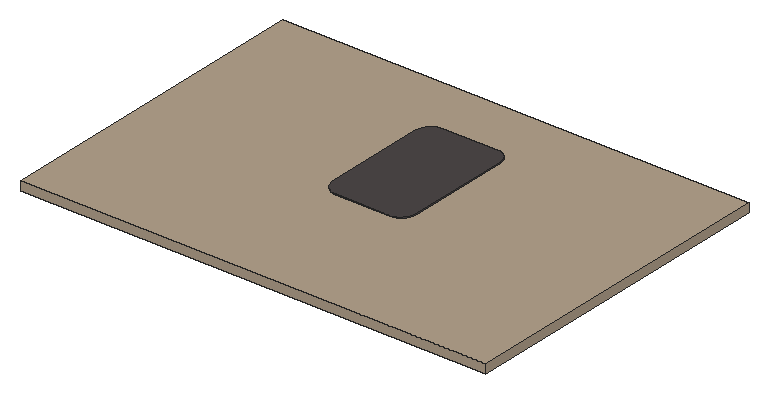
Revit family "console with cutout for bowl with tap hole", category Furniture, Revit 2019
Family settings
  OmniClass Number = 23.21.19.15.33.13
  Work Plane-Based = No
  Always vertical = Yes
  Cut with Voids When Loaded = No
  Shared = Yes
  Room Calculation Point = No
Parameters (values of type "Console 780_550 with cutout in the middle for bowls with tap hole-54120630-NATURAL_OAK-200")
  WEIGHT = "8.4"
  UNSPSC = "56 | Furniture and Furnishings"
  UNIFORMATII = "E2010 | Fixed Furnishings"
  UNICLASS2015 = "Pr_40_20_76_94 | Vanity units"
  SURFACE = "NATURAL_OAK"
  SPECIFICATION = "Surfaces:    - 54120050 High Gloss White  - 54120910 Diamond Matt Grey  - 54120230 Natural Oak  - 54120630 Dark Walnut      Specification:"
  REGIONSET = "Worldwide"
  PRODUCTURL = "https://pro.hansgrohe.com/articledetail--54120050"
  PRODUCTGROUP = "console"
  PRODUCTFAMILY = "Xelu Q"
  PERMALINK = "54120XXX"
  OMNICLASS = "23-19 31 17 11 | Bathroom Units"
  OBJECTTYPE = "Object (single object)"
  NN = "Console with cutout for bowl with tap hole"
  NBSYN = "$BASENUMBER.-$ARTNR.-$SURFACE.-$LODLEVEL."
  NB = "Console 780/550 with cutout in the middle for bowls with tap hole-54120630-NATURAL_OAK-200"
  NAME = "Xelu Q Console 780/550 with cutout in the middle for bowls with tap hole"
  Model = "Console 780/550 with cutout in the middle for bowls with tap hole-54120630-NATURAL_OAK-200"
  Manufacturer = "Hansgrohe"
  MIdent = "{$CADENAS_DATA/23d-libs/hansgrohe/xelu_furniture/console_with_cutout_for_bowl_with_tap_hole/console_with_cutout_for_bowl_with_taphole.prj},364 {VTYP=3D},{NB=Console 780/550 with cutout in the middle for bowls with tap hole-54120630-NATURAL_OAK-200},{LINA=Console 780/550 with cutout in the middle for bowls with tap hole-54120630-NATURAL_OAK-200},{NN=Console with cutout for bowl with tap hole},{DATE=10.03.2023 08:04:15},{GEOMDATE=08.03.2023 13:10:06},{VERSION=},{LINEID=30},{WBVAR=LODLEVEL},{WBNUMERIC=}  {NB=Console 780/550 with cutout in the middle for bowls with tap hole-54120630-NATURAL_OAK-200},{LINA=Console 780/550 with cutout in the middle for bowls with tap hole-54120630-NATURAL_OAK-200},{KT=DUMMY},{IDNR=3},{ARTNR=54120630},{BASENUMBER=Console 780/550 with cutout in the middle for bowls with tap hole},{MODEL=54120XXX},{SURFACE=NATURAL_OAK},{L=780},{LODLEVEL=200},{LODLEVELX='400','400','200','200'},{L1=140},{LL=390},{NAME=Xelu Q Console 780/550 with cutout in the middle for bowls with tap hole},{PERMALINK=54120XXX},{OBJECTTYPE=Object (single object)},{BIMOBJECT=Sanitary: Compound units},{PRODUCTFAMILY=Xelu Q},{PRODUCTGROUP=console},{WEIGHT=8.4},{DESCRIPTION=Xelu Q Console 780/550 with cutout in the middle for bowls with tap hole},{SPECIFICATION=Surfaces:    - 54120050 High Gloss White  - 54120910 Diamond Matt Grey  - 54120230 Natural Oak  - 54120630 Dark Walnut      Specification:},{PRODUCTURL=https://pro.hansgrohe.com/articledetail--54120050},{GTINCODE=4059625457658},{TENDERURL=},{IFC=Furnishing element},{ETIM=EC011381 | Bathroom furniture set},{UNICLASS2015=Pr_40_20_76_94 | Vanity units},{OMNICLASS=23-19 31 17 11 | Bathroom Units},{MASTERFORMAT=12 35 30.23 | Bathroom Casework},{UNSPSC=56 | Furniture and Furnishings},{UNIFORMATII=E2010 | Fixed Furnishings},{REGIONSET=Worldwide},{DESIGN=Germany},{MANUFACTURER=Germany}"
  MASTERFORMAT = "12 35 30.23 | Bathroom Casework"
  LODLEVEL = "200"
  LL = 390
  LINA = "Console 780/550 with cutout in the middle for bowls with tap hole-54120630-NATURAL_OAK-200"
  L1 = 140
  L = 780
  IFC = "Furnishing element"
  GTINCODE = "4059625457658"
  ETIM = "EC011381 | Bathroom furniture set"
  DESIGN = "Germany"
  Console 980_550 with cutout in the middle for bowl with tap hole-54121910-DIAMOND_GREY-400_RX0RY0RZ0TX0TY0TZ0_V = no
  Console 980_550 with cutout in the middle for bowl with tap hole-54121910-DIAMOND_GREY-200_RX0RY0RZ0TX0TY0TZ0_V = no
  Console 980_550 with cutout in the middle for bowl with tap hole-54121630-DARK_WALNUT-400_RX0RY0RZ0TX0TY0TZ0_V = no
  Console 980_550 with cutout in the middle for bowl with tap hole-54121630-DARK_WALNUT-200_RX0RY0RZ0TX0TY0TZ0_V = no
  Console 980_550 with cutout in the middle for bowl with tap hole-54121230-GLOSSY_WHITE-400_RX0RY0RZ0TX0TY0TZ0_V = no
  Console 980_550 with cutout in the middle for bowl with tap hole-54121230-GLOSSY_WHITE-200_RX0RY0RZ0TX0TY0TZ0_V = no
  Console 980_550 with cutout in the middle for bowl with tap hole-54121050-NATURAL_OAK-400_RX0RY0RZ0TX0TY0TZ0_V = no
  Console 980_550 with cutout in the middle for bowl with tap hole-54121050-NATURAL_OAK-200_RX0RY0RZ0TX0TY0TZ0_V = no
  Console 780_550 with cutout in the middle for bowls with tap hole-54120910-GLOSSY_WHITE-400_RX0RY0RZ0TX0TY0TZ0_V = no
  Console 780_550 with cutout in the middle for bowls with tap hole-54120910-GLOSSY_WHITE-200_RX0RY0RZ0TX0TY0TZ0_V = no
  Console 780_550 with cutout in the middle for bowls with tap hole-54120630-NATURAL_OAK-400_RX0RY0RZ0TX0TY0TZ0_V = no
  Console 780_550 with cutout in the middle for bowls with tap hole-54120630-NATURAL_OAK-200_RX0RY0RZ0TX0TY0TZ0_V = yes
  Console 780_550 with cutout in the middle for bowls with tap hole-54120230-DIAMOND_GREY-400_RX0RY0RZ0TX0TY0TZ0_V = no
  Console 780_550 with cutout in the middle for bowls with tap hole-54120230-DIAMOND_GREY-200_RX0RY0RZ0TX0TY0TZ0_V = no
  Console 780_550 with cutout in the middle for bowls with tap hole-54120050-DARK_WALNUT-400_RX0RY0RZ0TX0TY0TZ0_V = no
  Console 780_550 with cutout in the middle for bowls with tap hole-54120050-DARK_WALNUT-200_RX0RY0RZ0TX0TY0TZ0_V = no
  Console 1360_550 with cutout right for bowl with tap hole-54124910-GLOSSY_WHITE-400_RX0RY0RZ0TX0TY0TZ0_V = no
  Console 1360_550 with cutout right for bowl with tap hole-54124910-GLOSSY_WHITE-200_RX0RY0RZ0TX0TY0TZ0_V = no
  Console 1360_550 with cutout right for bowl with tap hole-54124630-DARK_WALNUT-400_RX0RY0RZ0TX0TY0TZ0_V = no
  Console 1360_550 with cutout right for bowl with tap hole-54124630-DARK_WALNUT-200_RX0RY0RZ0TX0TY0TZ0_V = no
  Console 1360_550 with cutout right for bowl with tap hole-54124230-DIAMOND_GREY-400_RX0RY0RZ0TX0TY0TZ0_V = no
  Console 1360_550 with cutout right for bowl with tap hole-54124230-DIAMOND_GREY-200_RX0RY0RZ0TX0TY0TZ0_V = no
  Console 1360_550 with cutout right for bowl with tap hole-54124050-NATURAL_OAK-400_RX0RY0RZ0TX0TY0TZ0_V = no
  Console 1360_550 with cutout right for bowl with tap hole-54124050-NATURAL_OAK-200_RX0RY0RZ0TX0TY0TZ0_V = no
  Console 1360_550 with cutout left for bowl with tap hole-54123910-DARK_WALNUT-400_RX0RY0RZ0TX0TY0TZ0_V = no
  Console 1360_550 with cutout left for bowl with tap hole-54123910-DARK_WALNUT-200_RX0RY0RZ0TX0TY0TZ0_V = no
  Console 1360_550 with cutout left for bowl with tap hole-54123630-DIAMOND_GREY-400_RX0RY0RZ0TX0TY0TZ0_V = no
  Console 1360_550 with cutout left for bowl with tap hole-54123630-DIAMOND_GREY-200_RX0RY0RZ0TX0TY0TZ0_V = no
  Console 1360_550 with cutout left for bowl with tap hole-54123230-NATURAL_OAK-400_RX0RY0RZ0TX0TY0TZ0_V = no
  Console 1360_550 with cutout left for bowl with tap hole-54123230-NATURAL_OAK-200_RX0RY0RZ0TX0TY0TZ0_V = no
  Console 1360_550 with cutout left for bowl with tap hole-54123050-GLOSSY_WHITE-400_RX0RY0RZ0TX0TY0TZ0_V = no
  Console 1360_550 with cutout left for bowl with tap hole-54123050-GLOSSY_WHITE-200_RX0RY0RZ0TX0TY0TZ0_V = no
  Console 1180_550 with cutout in the middle for bowl with tap hole-54122910-DIAMOND_GREY-400_RX0RY0RZ0TX0TY0TZ0_V = no
  Console 1180_550 with cutout in the middle for bowl with tap hole-54122910-DIAMOND_GREY-200_RX0RY0RZ0TX0TY0TZ0_V = no
  Console 1180_550 with cutout in the middle for bowl with tap hole-54122630-DARK_WALNUT-400_RX0RY0RZ0TX0TY0TZ0_V = no
  Console 1180_550 with cutout in the middle for bowl with tap hole-54122630-DARK_WALNUT-200_RX0RY0RZ0TX0TY0TZ0_V = no
  Console 1180_550 with cutout in the middle for bowl with tap hole-54122230-NATURAL_OAK-400_RX0RY0RZ0TX0TY0TZ0_V = no
  Console 1180_550 with cutout in the middle for bowl with tap hole-54122230-NATURAL_OAK-200_RX0RY0RZ0TX0TY0TZ0_V = no
  Console 1180_550 with cutout in the middle for bowl with tap hole-54122050-GLOSSY_WHITE-400_RX0RY0RZ0TX0TY0TZ0_V = no
  Console 1180_550 with cutout in the middle for bowl with tap hole-54122050-GLOSSY_WHITE-200_RX0RY0RZ0TX0TY0TZ0_V = no
  CATALOG = "Hansgrohe"
  BIMOBJECT = "Sanitary: Compound units"
  BASENUMBER = "Console 780/550 with cutout in the middle for bowls with tap hole"
  ARTNR = "54120630"
Reference planes
  plane 1 "Center (Front/Back)": y = 0
  plane 2: z = 0
  plane 3 "Center (Left/Right)": x = 0
Dimensions and locks
  aligned and locked: level to plane 2
Nested families
  nested 1: "console 1180_550 with cutout in the middle for bowl with tap hole-54122050-glossy_white-200_content" at (0, 0, 0), visible <- "Console 1180_550 with cutout in the middle for bowl with tap hole-54122050-GLOSSY_WHITE-200_RX0RY0RZ0TX0TY0TZ0_V", ContentVisible <- "Console 1180_550 with cutout in the middle for bowl with tap hole-54122050-GLOSSY_WHITE-200_RX0RY0RZ0TX0TY0TZ0_V", type ""
    with ContentVisible no
  nested 2: "console 1180_550 with cutout in the middle for bowl with tap hole-54122050-glossy_white-400_content" at (0, 0, 0), visible <- "Console 1180_550 with cutout in the middle for bowl with tap hole-54122050-GLOSSY_WHITE-400_RX0RY0RZ0TX0TY0TZ0_V", ContentVisible <- "Console 1180_550 with cutout in the middle for bowl with tap hole-54122050-GLOSSY_WHITE-400_RX0RY0RZ0TX0TY0TZ0_V", type ""
    with ContentVisible no
  nested 3: "console 1180_550 with cutout in the middle for bowl with tap hole-54122230-natural_oak-200_content" at (0, 0, 0), visible <- "Console 1180_550 with cutout in the middle for bowl with tap hole-54122230-NATURAL_OAK-200_RX0RY0RZ0TX0TY0TZ0_V", ContentVisible <- "Console 1180_550 with cutout in the middle for bowl with tap hole-54122230-NATURAL_OAK-200_RX0RY0RZ0TX0TY0TZ0_V", type ""
    with ContentVisible no
  nested 4: "console 1180_550 with cutout in the middle for bowl with tap hole-54122230-natural_oak-400_content" at (0, 0, 0), visible <- "Console 1180_550 with cutout in the middle for bowl with tap hole-54122230-NATURAL_OAK-400_RX0RY0RZ0TX0TY0TZ0_V", ContentVisible <- "Console 1180_550 with cutout in the middle for bowl with tap hole-54122230-NATURAL_OAK-400_RX0RY0RZ0TX0TY0TZ0_V", type ""
    with ContentVisible no
  nested 5: "console 1180_550 with cutout in the middle for bowl with tap hole-54122630-dark_walnut-200_content" at (0, 0, 0), visible <- "Console 1180_550 with cutout in the middle for bowl with tap hole-54122630-DARK_WALNUT-200_RX0RY0RZ0TX0TY0TZ0_V", ContentVisible <- "Console 1180_550 with cutout in the middle for bowl with tap hole-54122630-DARK_WALNUT-200_RX0RY0RZ0TX0TY0TZ0_V", type ""
    with ContentVisible no
  nested 6: "console 1180_550 with cutout in the middle for bowl with tap hole-54122630-dark_walnut-400_content" at (0, 0, 0), visible <- "Console 1180_550 with cutout in the middle for bowl with tap hole-54122630-DARK_WALNUT-400_RX0RY0RZ0TX0TY0TZ0_V", ContentVisible <- "Console 1180_550 with cutout in the middle for bowl with tap hole-54122630-DARK_WALNUT-400_RX0RY0RZ0TX0TY0TZ0_V", type ""
    with ContentVisible no
  nested 7: "console 1180_550 with cutout in the middle for bowl with tap hole-54122910-diamond_grey-200_content" at (0, 0, 0), visible <- "Console 1180_550 with cutout in the middle for bowl with tap hole-54122910-DIAMOND_GREY-200_RX0RY0RZ0TX0TY0TZ0_V", ContentVisible <- "Console 1180_550 with cutout in the middle for bowl with tap hole-54122910-DIAMOND_GREY-200_RX0RY0RZ0TX0TY0TZ0_V", type ""
    with ContentVisible no
  nested 8: "console 1180_550 with cutout in the middle for bowl with tap hole-54122910-diamond_grey-400_content" at (0, 0, 0), visible <- "Console 1180_550 with cutout in the middle for bowl with tap hole-54122910-DIAMOND_GREY-400_RX0RY0RZ0TX0TY0TZ0_V", ContentVisible <- "Console 1180_550 with cutout in the middle for bowl with tap hole-54122910-DIAMOND_GREY-400_RX0RY0RZ0TX0TY0TZ0_V", type ""
    with ContentVisible no
  nested 9: "console 1360_550 with cutout left for bowl with tap hole-54123050-glossy_white-200_content" at (0, 0, 0), visible <- "Console 1360_550 with cutout left for bowl with tap hole-54123050-GLOSSY_WHITE-200_RX0RY0RZ0TX0TY0TZ0_V", ContentVisible <- "Console 1360_550 with cutout left for bowl with tap hole-54123050-GLOSSY_WHITE-200_RX0RY0RZ0TX0TY0TZ0_V", type ""
    with ContentVisible no
  nested 10: "console 1360_550 with cutout left for bowl with tap hole-54123050-glossy_white-400_content" at (0, 0, 0), visible <- "Console 1360_550 with cutout left for bowl with tap hole-54123050-GLOSSY_WHITE-400_RX0RY0RZ0TX0TY0TZ0_V", ContentVisible <- "Console 1360_550 with cutout left for bowl with tap hole-54123050-GLOSSY_WHITE-400_RX0RY0RZ0TX0TY0TZ0_V", type ""
    with ContentVisible no
  nested 11: "console 1360_550 with cutout left for bowl with tap hole-54123230-natural_oak-200_content" at (0, 0, 0), visible <- "Console 1360_550 with cutout left for bowl with tap hole-54123230-NATURAL_OAK-200_RX0RY0RZ0TX0TY0TZ0_V", ContentVisible <- "Console 1360_550 with cutout left for bowl with tap hole-54123230-NATURAL_OAK-200_RX0RY0RZ0TX0TY0TZ0_V", type ""
    with ContentVisible no
  nested 12: "console 1360_550 with cutout left for bowl with tap hole-54123230-natural_oak-400_content" at (0, 0, 0), visible <- "Console 1360_550 with cutout left for bowl with tap hole-54123230-NATURAL_OAK-400_RX0RY0RZ0TX0TY0TZ0_V", ContentVisible <- "Console 1360_550 with cutout left for bowl with tap hole-54123230-NATURAL_OAK-400_RX0RY0RZ0TX0TY0TZ0_V", type ""
    with ContentVisible no
  nested 13: "console 1360_550 with cutout left for bowl with tap hole-54123630-diamond_grey-200_content" at (0, 0, 0), visible <- "Console 1360_550 with cutout left for bowl with tap hole-54123630-DIAMOND_GREY-200_RX0RY0RZ0TX0TY0TZ0_V", ContentVisible <- "Console 1360_550 with cutout left for bowl with tap hole-54123630-DIAMOND_GREY-200_RX0RY0RZ0TX0TY0TZ0_V", type ""
    with ContentVisible no
  nested 14: "console 1360_550 with cutout left for bowl with tap hole-54123630-diamond_grey-400_content" at (0, 0, 0), visible <- "Console 1360_550 with cutout left for bowl with tap hole-54123630-DIAMOND_GREY-400_RX0RY0RZ0TX0TY0TZ0_V", ContentVisible <- "Console 1360_550 with cutout left for bowl with tap hole-54123630-DIAMOND_GREY-400_RX0RY0RZ0TX0TY0TZ0_V", type ""
    with ContentVisible no
  nested 15: "console 1360_550 with cutout left for bowl with tap hole-54123910-dark_walnut-200_content" at (0, 0, 0), visible <- "Console 1360_550 with cutout left for bowl with tap hole-54123910-DARK_WALNUT-200_RX0RY0RZ0TX0TY0TZ0_V", ContentVisible <- "Console 1360_550 with cutout left for bowl with tap hole-54123910-DARK_WALNUT-200_RX0RY0RZ0TX0TY0TZ0_V", type ""
    with ContentVisible no
  nested 16: "console 1360_550 with cutout left for bowl with tap hole-54123910-dark_walnut-400_content" at (0, 0, 0), visible <- "Console 1360_550 with cutout left for bowl with tap hole-54123910-DARK_WALNUT-400_RX0RY0RZ0TX0TY0TZ0_V", ContentVisible <- "Console 1360_550 with cutout left for bowl with tap hole-54123910-DARK_WALNUT-400_RX0RY0RZ0TX0TY0TZ0_V", type ""
    with ContentVisible no
  nested 17: "console 1360_550 with cutout right for bowl with tap hole-54124050-natural_oak-200_content" at (0, 0, 0), visible <- "Console 1360_550 with cutout right for bowl with tap hole-54124050-NATURAL_OAK-200_RX0RY0RZ0TX0TY0TZ0_V", ContentVisible <- "Console 1360_550 with cutout right for bowl with tap hole-54124050-NATURAL_OAK-200_RX0RY0RZ0TX0TY0TZ0_V", type ""
    with ContentVisible no
  nested 18: "console 1360_550 with cutout right for bowl with tap hole-54124050-natural_oak-400_content" at (0, 0, 0), visible <- "Console 1360_550 with cutout right for bowl with tap hole-54124050-NATURAL_OAK-400_RX0RY0RZ0TX0TY0TZ0_V", ContentVisible <- "Console 1360_550 with cutout right for bowl with tap hole-54124050-NATURAL_OAK-400_RX0RY0RZ0TX0TY0TZ0_V", type ""
    with ContentVisible no
  nested 19: "console 1360_550 with cutout right for bowl with tap hole-54124230-diamond_grey-200_content" at (0, 0, 0), visible <- "Console 1360_550 with cutout right for bowl with tap hole-54124230-DIAMOND_GREY-200_RX0RY0RZ0TX0TY0TZ0_V", ContentVisible <- "Console 1360_550 with cutout right for bowl with tap hole-54124230-DIAMOND_GREY-200_RX0RY0RZ0TX0TY0TZ0_V", type ""
    with ContentVisible no
  nested 20: "console 1360_550 with cutout right for bowl with tap hole-54124230-diamond_grey-400_content" at (0, 0, 0), visible <- "Console 1360_550 with cutout right for bowl with tap hole-54124230-DIAMOND_GREY-400_RX0RY0RZ0TX0TY0TZ0_V", ContentVisible <- "Console 1360_550 with cutout right for bowl with tap hole-54124230-DIAMOND_GREY-400_RX0RY0RZ0TX0TY0TZ0_V", type ""
    with ContentVisible no
  nested 21: "console 1360_550 with cutout right for bowl with tap hole-54124630-dark_walnut-200_content" at (0, 0, 0), visible <- "Console 1360_550 with cutout right for bowl with tap hole-54124630-DARK_WALNUT-200_RX0RY0RZ0TX0TY0TZ0_V", ContentVisible <- "Console 1360_550 with cutout right for bowl with tap hole-54124630-DARK_WALNUT-200_RX0RY0RZ0TX0TY0TZ0_V", type ""
    with ContentVisible no
  nested 22: "console 1360_550 with cutout right for bowl with tap hole-54124630-dark_walnut-400_content" at (0, 0, 0), visible <- "Console 1360_550 with cutout right for bowl with tap hole-54124630-DARK_WALNUT-400_RX0RY0RZ0TX0TY0TZ0_V", ContentVisible <- "Console 1360_550 with cutout right for bowl with tap hole-54124630-DARK_WALNUT-400_RX0RY0RZ0TX0TY0TZ0_V", type ""
    with ContentVisible no
  nested 23: "console 1360_550 with cutout right for bowl with tap hole-54124910-glossy_white-200_content" at (0, 0, 0), visible <- "Console 1360_550 with cutout right for bowl with tap hole-54124910-GLOSSY_WHITE-200_RX0RY0RZ0TX0TY0TZ0_V", ContentVisible <- "Console 1360_550 with cutout right for bowl with tap hole-54124910-GLOSSY_WHITE-200_RX0RY0RZ0TX0TY0TZ0_V", type ""
    with ContentVisible no
  nested 24: "console 1360_550 with cutout right for bowl with tap hole-54124910-glossy_white-400_content" at (0, 0, 0), visible <- "Console 1360_550 with cutout right for bowl with tap hole-54124910-GLOSSY_WHITE-400_RX0RY0RZ0TX0TY0TZ0_V", ContentVisible <- "Console 1360_550 with cutout right for bowl with tap hole-54124910-GLOSSY_WHITE-400_RX0RY0RZ0TX0TY0TZ0_V", type ""
    with ContentVisible no
  nested 25: "console 780_550 with cutout in the middle for bowls with tap hole-54120050-dark_walnut-200_content" at (0, 0, 0), visible <- "Console 780_550 with cutout in the middle for bowls with tap hole-54120050-DARK_WALNUT-200_RX0RY0RZ0TX0TY0TZ0_V", ContentVisible <- "Console 780_550 with cutout in the middle for bowls with tap hole-54120050-DARK_WALNUT-200_RX0RY0RZ0TX0TY0TZ0_V", type ""
    with ContentVisible no
  nested 26: "console 780_550 with cutout in the middle for bowls with tap hole-54120050-dark_walnut-400_content" at (0, 0, 0), visible <- "Console 780_550 with cutout in the middle for bowls with tap hole-54120050-DARK_WALNUT-400_RX0RY0RZ0TX0TY0TZ0_V", ContentVisible <- "Console 780_550 with cutout in the middle for bowls with tap hole-54120050-DARK_WALNUT-400_RX0RY0RZ0TX0TY0TZ0_V", type ""
    with ContentVisible no
  nested 27: "console 780_550 with cutout in the middle for bowls with tap hole-54120230-diamond_grey-200_content" at (0, 0, 0), visible <- "Console 780_550 with cutout in the middle for bowls with tap hole-54120230-DIAMOND_GREY-200_RX0RY0RZ0TX0TY0TZ0_V", ContentVisible <- "Console 780_550 with cutout in the middle for bowls with tap hole-54120230-DIAMOND_GREY-200_RX0RY0RZ0TX0TY0TZ0_V", type ""
    with ContentVisible no
  nested 28: "console 780_550 with cutout in the middle for bowls with tap hole-54120230-diamond_grey-400_content" at (0, 0, 0), visible <- "Console 780_550 with cutout in the middle for bowls with tap hole-54120230-DIAMOND_GREY-400_RX0RY0RZ0TX0TY0TZ0_V", ContentVisible <- "Console 780_550 with cutout in the middle for bowls with tap hole-54120230-DIAMOND_GREY-400_RX0RY0RZ0TX0TY0TZ0_V", type ""
    with ContentVisible no
  nested 29: "console 780_550 with cutout in the middle for bowls with tap hole-54120630-natural_oak-200_content" at (0, 0, 0), visible <- "Console 780_550 with cutout in the middle for bowls with tap hole-54120630-NATURAL_OAK-200_RX0RY0RZ0TX0TY0TZ0_V", ContentVisible <- "Console 780_550 with cutout in the middle for bowls with tap hole-54120630-NATURAL_OAK-200_RX0RY0RZ0TX0TY0TZ0_V", type "Console 780_550 with cutout in the middle for bowls with tap hole-54120630-NATURAL_OAK-200_Content"
    with ContentVisible yes
  nested 30: "console 780_550 with cutout in the middle for bowls with tap hole-54120630-natural_oak-400_content" at (0, 0, 0), visible <- "Console 780_550 with cutout in the middle for bowls with tap hole-54120630-NATURAL_OAK-400_RX0RY0RZ0TX0TY0TZ0_V", ContentVisible <- "Console 780_550 with cutout in the middle for bowls with tap hole-54120630-NATURAL_OAK-400_RX0RY0RZ0TX0TY0TZ0_V", type ""
    with ContentVisible no
  nested 31: "console 780_550 with cutout in the middle for bowls with tap hole-54120910-glossy_white-200_content" at (0, 0, 0), visible <- "Console 780_550 with cutout in the middle for bowls with tap hole-54120910-GLOSSY_WHITE-200_RX0RY0RZ0TX0TY0TZ0_V", ContentVisible <- "Console 780_550 with cutout in the middle for bowls with tap hole-54120910-GLOSSY_WHITE-200_RX0RY0RZ0TX0TY0TZ0_V", type ""
    with ContentVisible no
  nested 32: "console 780_550 with cutout in the middle for bowls with tap hole-54120910-glossy_white-400_content" at (0, 0, 0), visible <- "Console 780_550 with cutout in the middle for bowls with tap hole-54120910-GLOSSY_WHITE-400_RX0RY0RZ0TX0TY0TZ0_V", ContentVisible <- "Console 780_550 with cutout in the middle for bowls with tap hole-54120910-GLOSSY_WHITE-400_RX0RY0RZ0TX0TY0TZ0_V", type ""
    with ContentVisible no
  nested 33: "console 980_550 with cutout in the middle for bowl with tap hole-54121050-natural_oak-200_content" at (0, 0, 0), visible <- "Console 980_550 with cutout in the middle for bowl with tap hole-54121050-NATURAL_OAK-200_RX0RY0RZ0TX0TY0TZ0_V", ContentVisible <- "Console 980_550 with cutout in the middle for bowl with tap hole-54121050-NATURAL_OAK-200_RX0RY0RZ0TX0TY0TZ0_V", type ""
    with ContentVisible no
  nested 34: "console 980_550 with cutout in the middle for bowl with tap hole-54121050-natural_oak-400_content" at (0, 0, 0), visible <- "Console 980_550 with cutout in the middle for bowl with tap hole-54121050-NATURAL_OAK-400_RX0RY0RZ0TX0TY0TZ0_V", ContentVisible <- "Console 980_550 with cutout in the middle for bowl with tap hole-54121050-NATURAL_OAK-400_RX0RY0RZ0TX0TY0TZ0_V", type ""
    with ContentVisible no
  nested 35: "console 980_550 with cutout in the middle for bowl with tap hole-54121230-glossy_white-200_content" at (0, 0, 0), visible <- "Console 980_550 with cutout in the middle for bowl with tap hole-54121230-GLOSSY_WHITE-200_RX0RY0RZ0TX0TY0TZ0_V", ContentVisible <- "Console 980_550 with cutout in the middle for bowl with tap hole-54121230-GLOSSY_WHITE-200_RX0RY0RZ0TX0TY0TZ0_V", type ""
    with ContentVisible no
  nested 36: "console 980_550 with cutout in the middle for bowl with tap hole-54121230-glossy_white-400_content" at (0, 0, 0), visible <- "Console 980_550 with cutout in the middle for bowl with tap hole-54121230-GLOSSY_WHITE-400_RX0RY0RZ0TX0TY0TZ0_V", ContentVisible <- "Console 980_550 with cutout in the middle for bowl with tap hole-54121230-GLOSSY_WHITE-400_RX0RY0RZ0TX0TY0TZ0_V", type ""
    with ContentVisible no
  nested 37: "console 980_550 with cutout in the middle for bowl with tap hole-54121630-dark_walnut-200_content" at (0, 0, 0), visible <- "Console 980_550 with cutout in the middle for bowl with tap hole-54121630-DARK_WALNUT-200_RX0RY0RZ0TX0TY0TZ0_V", ContentVisible <- "Console 980_550 with cutout in the middle for bowl with tap hole-54121630-DARK_WALNUT-200_RX0RY0RZ0TX0TY0TZ0_V", type ""
    with ContentVisible no
  nested 38: "console 980_550 with cutout in the middle for bowl with tap hole-54121630-dark_walnut-400_content" at (0, 0, 0), visible <- "Console 980_550 with cutout in the middle for bowl with tap hole-54121630-DARK_WALNUT-400_RX0RY0RZ0TX0TY0TZ0_V", ContentVisible <- "Console 980_550 with cutout in the middle for bowl with tap hole-54121630-DARK_WALNUT-400_RX0RY0RZ0TX0TY0TZ0_V", type ""
    with ContentVisible no
  nested 39: "console 980_550 with cutout in the middle for bowl with tap hole-54121910-diamond_grey-200_content" at (0, 0, 0), visible <- "Console 980_550 with cutout in the middle for bowl with tap hole-54121910-DIAMOND_GREY-200_RX0RY0RZ0TX0TY0TZ0_V", ContentVisible <- "Console 980_550 with cutout in the middle for bowl with tap hole-54121910-DIAMOND_GREY-200_RX0RY0RZ0TX0TY0TZ0_V", type ""
    with ContentVisible no
  nested 40: "console 980_550 with cutout in the middle for bowl with tap hole-54121910-diamond_grey-400_content" at (0, 0, 0), visible <- "Console 980_550 with cutout in the middle for bowl with tap hole-54121910-DIAMOND_GREY-400_RX0RY0RZ0TX0TY0TZ0_V", ContentVisible <- "Console 980_550 with cutout in the middle for bowl with tap hole-54121910-DIAMOND_GREY-400_RX0RY0RZ0TX0TY0TZ0_V", type ""
    with ContentVisible no
Definition of nested family "console 780_550 with cutout in the middle for bowls with tap hole-54120630-natural_oak-200_content"
  Parameters (values of type "Console 780_550 with cutout in the middle for bowls with tap hole-54120630-NATURAL_OAK-200_Content")
    WEIGHT = "8.4"
    UNSPSC = "56 | Furniture and Furnishings"
    UNIFORMATII = "E2010 | Fixed Furnishings"
    UNICLASS2015 = "Pr_40_20_76_94 | Vanity units"
    SURFACE = "NATURAL_OAK"
    SPECIFICATION = "Surfaces:    - 54120050 High Gloss White  - 54120910 Diamond Matt Grey  - 54120230 Natural Oak  - 54120630 Dark Walnut      Specification:"
    REGIONSET = "Worldwide"
    PRODUCTURL = "https://pro.hansgrohe.com/articledetail--54120050"
    PRODUCTGROUP = "console"
    PRODUCTFAMILY = "Xelu Q"
    PERMALINK = "54120XXX"
    OMNICLASS = "23-19 31 17 11 | Bathroom Units"
    OBJECTTYPE = "Object (single object)"
    NN = "Console with cutout for bowl with tap hole"
    NBSYN = "$BASENUMBER.-$ARTNR.-$SURFACE.-$LODLEVEL."
    NB = "Console 780/550 with cutout in the middle for bowls with tap hole-54120630-NATURAL_OAK-200"
    NAME = "Xelu Q Console 780/550 with cutout in the middle for bowls with tap hole"
    Model = "Console 780/550 with cutout in the middle for bowls with tap hole-54120630-NATURAL_OAK-200"
    Manufacturer = "Hansgrohe"
    MASTERFORMAT = "12 35 30.23 | Bathroom Casework"
    LODLEVEL = "200"
    LL = 390
    LINA = "Console 780/550 with cutout in the middle for bowls with tap hole-54120630-NATURAL_OAK-200"
    L1 = 140
    L = 780
    IFC = "Furnishing element"
    GTINCODE = "4059625457658"
    ETIM = "EC011381 | Bathroom furniture set"
    Default Elevation = 1219.2 mm
    DESIGN = "Germany"
    ContentVisible [instance] = yes
    CATALOG = "Hansgrohe"
    BIMOBJECT = "Sanitary: Compound units"
    BASENUMBER = "Console 780/550 with cutout in the middle for bowls with tap hole"
    ARTNR = "54120630"
  Reference planes
    plane 1 "Center (Front/Back)": y = 0
    plane 2: z = 0
    plane 3 "Center (Left/Right)": x = 0
  Forms (mm)
    Extrusion 1, solid, visible <- "ContentVisible", detail levels medium+fine
      sketch origin (0, 0, 0.5) x (1, 0, 0) y (0, 1, 0)
        loop
          line (-390, 0) -> (-390, -550) -> (390, -550) -> (390, 0) -> (-390, 0)
      from 0 to 15
    Extrusion 2, solid, visible <- "ContentVisible", detail levels medium+fine
      sketch origin (0, 0, 0) x (1, 0, 0) y (0, 1, 0)
        loop
          line (-70, -120.5) -> (-70, -295.5)
          arc (-70, -295.5) -> (-62.678, -313.178) -> (-45, -320.5) r 25
          line (-45, -320.5) -> (45, -320.5)
          arc (45, -320.5) -> (62.678, -313.178) -> (70, -295.5) r 25
          line (70, -295.5) -> (70, -120.5)
          arc (70, -120.5) -> (62.678, -102.822) -> (45, -95.5) r 25
          line (45, -95.5) -> (-45, -95.5)
          arc (-45, -95.5) -> (-62.678, -102.822) -> (-70, -120.5) r 25
      from 0 to 16
    Extrusion 3, solid, visible <- "ContentVisible", detail levels coarse
      sketch origin (0, -275, 0) x (1, 0, 0) y (0, 1, 0)
        loop
          line (-390, -275) -> (390, -275) -> (390, 275) -> (-390, 275) -> (-390, -275)
      from 0 to 16
  Dimensions and locks
    aligned and locked: level to plane 2
Definition of nested family "console 1180_550 with cutout in the middle for bowl with tap hole-54122050-glossy_white-200_content"
  Parameters (values of type "Console 1180_550 with cutout in the middle for bowl with tap hole-54122050-GLOSSY_WHITE-200_Content")
    WEIGHT = "14.5"
    UNSPSC = "56 | Furniture and Furnishings"
    UNIFORMATII = "E2010 | Fixed Furnishings"
    UNICLASS2015 = "Pr_40_20_76_94 | Vanity units"
    SURFACE = "GLOSSY_WHITE"
    SPECIFICATION = "Surfaces:    - 54122050 High Gloss White  - 54122910 Diamond Matt Grey  - 54122230 Natural Oak  - 54122630 Dark Walnut      Specification:"
    REGIONSET = "Worldwide"
    PRODUCTURL = "https://pro.hansgrohe.com/articledetail--54122050"
    PRODUCTGROUP = "console"
    PRODUCTFAMILY = "Xelu Q"
    PERMALINK = "54122XXX"
    OMNICLASS = "23-19 31 17 11 | Bathroom Units"
    OBJECTTYPE = "Object (single object)"
    NN = "Console with cutout for bowl with tap hole"
    NBSYN = "$BASENUMBER.-$ARTNR.-$SURFACE.-$LODLEVEL."
    NB = "Console 1180/550 with cutout in the middle for bowl with tap hole-54122050-GLOSSY_WHITE-200"
    NAME = "Xelu Q Console 1180/550 with cutout in the middle for bowl with tap hole"
    Model = "Console 1180/550 with cutout in the middle for bowl with tap hole-54122050-GLOSSY_WHITE-200"
    Manufacturer = "Hansgrohe"
    MASTERFORMAT = "12 35 30.23 | Bathroom Casework"
    LODLEVEL = "200"
    LL = 590
    LINA = "Console 1180/550 with cutout in the middle for bowl with tap hole-54122050-GLOSSY_WHITE-200"
    L1 = 140
    L = 1180
    IFC = "Furnishing element"
    GTINCODE = "4059625457979"
    ETIM = "EC011381 | Bathroom furniture set"
    Default Elevation = 1219.2 mm
    DESIGN = "Germany"
    ContentVisible [instance] = yes
    CATALOG = "Hansgrohe"
    BIMOBJECT = "Sanitary: Compound units"
    BASENUMBER = "Console 1180/550 with cutout in the middle for bowl with tap hole"
    ARTNR = "54122050"
  Reference planes
    plane 1 "Center (Front/Back)": y = 0
    plane 2: z = 0
    plane 3 "Center (Left/Right)": x = 0
  Forms (mm)
    Extrusion 1, solid, visible <- "ContentVisible", detail levels medium+fine
      sketch origin (0, 0, 0.5) x (1, 0, 0) y (0, 1, 0)
        loop
          line (-590, 0) -> (-590, -550) -> (590, -550) -> (590, 0) -> (-590, 0)
      from 0 to 15
    Extrusion 2, solid, visible <- "ContentVisible", detail levels medium+fine
      sketch origin (0, 0, 0) x (1, 0, 0) y (0, 1, 0)
        loop
          line (-70, -120.5) -> (-70, -295.5)
          arc (-70, -295.5) -> (-62.678, -313.178) -> (-45, -320.5) r 25
          line (-45, -320.5) -> (45, -320.5)
          arc (45, -320.5) -> (62.678, -313.178) -> (70, -295.5) r 25
          line (70, -295.5) -> (70, -120.5)
          arc (70, -120.5) -> (62.678, -102.822) -> (45, -95.5) r 25
          line (45, -95.5) -> (-45, -95.5)
          arc (-45, -95.5) -> (-62.678, -102.822) -> (-70, -120.5) r 25
      from 0 to 16
    Extrusion 3, solid, visible <- "ContentVisible", detail levels coarse
      sketch origin (0, -275, 0) x (1, 0, 0) y (0, 1, 0)
        loop
          line (-590, -275) -> (590, -275) -> (590, 275) -> (-590, 275) -> (-590, -275)
      from 0 to 16
  Dimensions and locks
    aligned and locked: level to plane 2
Definition of nested family "console 1180_550 with cutout in the middle for bowl with tap hole-54122050-glossy_white-400_content"
  Parameters (values of type "Console 1180_550 with cutout in the middle for bowl with tap hole-54122050-GLOSSY_WHITE-400_Content")
    WEIGHT = "14.5"
    UNSPSC = "56 | Furniture and Furnishings"
    UNIFORMATII = "E2010 | Fixed Furnishings"
    UNICLASS2015 = "Pr_40_20_76_94 | Vanity units"
    SURFACE = "GLOSSY_WHITE"
    SPECIFICATION = "Surfaces:    - 54122050 High Gloss White  - 54122910 Diamond Matt Grey  - 54122230 Natural Oak  - 54122630 Dark Walnut      Specification:"
    REGIONSET = "Worldwide"
    PRODUCTURL = "https://pro.hansgrohe.com/articledetail--54122050"
    PRODUCTGROUP = "console"
    PRODUCTFAMILY = "Xelu Q"
    PERMALINK = "54122XXX"
    OMNICLASS = "23-19 31 17 11 | Bathroom Units"
    OBJECTTYPE = "Object (single object)"
    NN = "Console with cutout for bowl with tap hole"
    NBSYN = "$BASENUMBER.-$ARTNR.-$SURFACE.-$LODLEVEL."
    NB = "Console 1180/550 with cutout in the middle for bowl with tap hole-54122050-GLOSSY_WHITE-400"
    NAME = "Xelu Q Console 1180/550 with cutout in the middle for bowl with tap hole"
    Model = "Console 1180/550 with cutout in the middle for bowl with tap hole-54122050-GLOSSY_WHITE-400"
    Manufacturer = "Hansgrohe"
    MASTERFORMAT = "12 35 30.23 | Bathroom Casework"
    LODLEVEL = "400"
    LL = 590
    LINA = "Console 1180/550 with cutout in the middle for bowl with tap hole-54122050-GLOSSY_WHITE-400"
    L1 = 140
    L = 1180
    IFC = "Furnishing element"
    GTINCODE = "4059625457979"
    ETIM = "EC011381 | Bathroom furniture set"
    Default Elevation = 1219.2 mm
    DESIGN = "Germany"
    ContentVisible [instance] = yes
    CATALOG = "Hansgrohe"
    BIMOBJECT = "Sanitary: Compound units"
    BASENUMBER = "Console 1180/550 with cutout in the middle for bowl with tap hole"
    ARTNR = "54122050"
  Reference planes
    plane 1 "Center (Front/Back)": y = 0
    plane 2: z = 0
    plane 3 "Center (Left/Right)": x = 0
  Forms (mm)
    Extrusion 1, solid, visible <- "ContentVisible", detail levels medium+fine
      sketch origin (0, 0, 0) x (1, 0, 0) y (0, 1, 0)
        loop
          line (-590, 0) -> (-590, -270.5) -> (-172, -270.5)
          arc (-172, -270.5) -> (-165, -263.5) -> (-158, -270.5) r 7
          line (-158, -270.5) -> (-70, -270.5) -> (-70, -120.5)
          arc (-70, -120.5) -> (-62.678, -102.822) -> (-45, -95.5) r 25
          line (-45, -95.5) -> (45, -95.5)
          arc (45, -95.5) -> (62.678, -102.822) -> (70, -120.5) r 25
          line (70, -120.5) -> (70, -270.5) -> (158, -270.5)
          arc (158, -270.5) -> (165, -263.5) -> (172, -270.5) r 7
          line (172, -270.5) -> (590, -270.5) -> (590, 0) -> (-590, 0)
      from 0 to 16
    Extrusion 2, solid, visible <- "ContentVisible", detail levels medium+fine
      sketch origin (0, 0, 0) x (1, 0, 0) y (0, 1, 0)
        loop
          line (-590, -270.5) -> (-590, -532)
          arc (-590, -532) -> (-584.728, -544.728) -> (-572, -550) r 18
          line (-572, -550) -> (572, -550)
          arc (572, -550) -> (584.728, -544.728) -> (590, -532) r 18
          line (590, -532) -> (590, -270.5) -> (172, -270.5)
          arc (172, -270.5) -> (165, -277.5) -> (158, -270.5) r 7
          line (158, -270.5) -> (70, -270.5) -> (70, -295.5)
          arc (70, -295.5) -> (62.678, -313.178) -> (45, -320.5) r 25
          line (45, -320.5) -> (-45, -320.5)
          arc (-45, -320.5) -> (-62.678, -313.178) -> (-70, -295.5) r 25
          line (-70, -295.5) -> (-70, -270.5) -> (-158, -270.5)
          arc (-158, -270.5) -> (-165, -277.5) -> (-172, -270.5) r 7
          line (-172, -270.5) -> (-590, -270.5)
      from 0 to 16
    Extrusion 3, solid, visible <- "ContentVisible", detail levels coarse
      sketch origin (0, -275, 0) x (1, 0, 0) y (0, 1, 0)
        loop
          line (-590, -275) -> (590, -275) -> (590, 275) -> (-590, 275) -> (-590, -275)
      from 0 to 16
  Dimensions and locks
    aligned and locked: level to plane 2
Definition of nested family "console 1180_550 with cutout in the middle for bowl with tap hole-54122230-natural_oak-200_content"
  Parameters (values of type "Console 1180_550 with cutout in the middle for bowl with tap hole-54122230-NATURAL_OAK-200_Content")
    WEIGHT = "14.5"
    UNSPSC = "56 | Furniture and Furnishings"
    UNIFORMATII = "E2010 | Fixed Furnishings"
    UNICLASS2015 = "Pr_40_20_76_94 | Vanity units"
    SURFACE = "NATURAL_OAK"
    SPECIFICATION = "Surfaces:    - 54122050 High Gloss White  - 54122910 Diamond Matt Grey  - 54122230 Natural Oak  - 54122630 Dark Walnut      Specification:"
    REGIONSET = "Worldwide"
    PRODUCTURL = "https://pro.hansgrohe.com/articledetail--54122050"
    PRODUCTGROUP = "console"
    PRODUCTFAMILY = "Xelu Q"
    PERMALINK = "54122XXX"
    OMNICLASS = "23-19 31 17 11 | Bathroom Units"
    OBJECTTYPE = "Object (single object)"
    NN = "Console with cutout for bowl with tap hole"
    NBSYN = "$BASENUMBER.-$ARTNR.-$SURFACE.-$LODLEVEL."
    NB = "Console 1180/550 with cutout in the middle for bowl with tap hole-54122230-NATURAL_OAK-200"
    NAME = "Xelu Q Console 1180/550 with cutout in the middle for bowl with tap hole"
    Model = "Console 1180/550 with cutout in the middle for bowl with tap hole-54122230-NATURAL_OAK-200"
    Manufacturer = "Hansgrohe"
    MASTERFORMAT = "12 35 30.23 | Bathroom Casework"
    LODLEVEL = "200"
    LL = 590
    LINA = "Console 1180/550 with cutout in the middle for bowl with tap hole-54122230-NATURAL_OAK-200"
    L1 = 140
    L = 1180
    IFC = "Furnishing element"
    GTINCODE = "4059625457979"
    ETIM = "EC011381 | Bathroom furniture set"
    Default Elevation = 1219.2 mm
    DESIGN = "Germany"
    ContentVisible [instance] = yes
    CATALOG = "Hansgrohe"
    BIMOBJECT = "Sanitary: Compound units"
    BASENUMBER = "Console 1180/550 with cutout in the middle for bowl with tap hole"
    ARTNR = "54122230"
  Reference planes
    plane 1 "Center (Front/Back)": y = 0
    plane 2: z = 0
    plane 3 "Center (Left/Right)": x = 0
  Forms (mm)
    Extrusion 1, solid, visible <- "ContentVisible", detail levels medium+fine
      sketch origin (0, 0, 0.5) x (1, 0, 0) y (0, 1, 0)
        loop
          line (-590, 0) -> (-590, -550) -> (590, -550) -> (590, 0) -> (-590, 0)
      from 0 to 15
    Extrusion 2, solid, visible <- "ContentVisible", detail levels medium+fine
      sketch origin (0, 0, 0) x (1, 0, 0) y (0, 1, 0)
        loop
          line (-70, -120.5) -> (-70, -295.5)
          arc (-70, -295.5) -> (-62.678, -313.178) -> (-45, -320.5) r 25
          line (-45, -320.5) -> (45, -320.5)
          arc (45, -320.5) -> (62.678, -313.178) -> (70, -295.5) r 25
          line (70, -295.5) -> (70, -120.5)
          arc (70, -120.5) -> (62.678, -102.822) -> (45, -95.5) r 25
          line (45, -95.5) -> (-45, -95.5)
          arc (-45, -95.5) -> (-62.678, -102.822) -> (-70, -120.5) r 25
      from 0 to 16
    Extrusion 3, solid, visible <- "ContentVisible", detail levels coarse
      sketch origin (0, -275, 0) x (1, 0, 0) y (0, 1, 0)
        loop
          line (-590, -275) -> (590, -275) -> (590, 275) -> (-590, 275) -> (-590, -275)
      from 0 to 16
  Dimensions and locks
    aligned and locked: level to plane 2
Definition of nested family "console 1180_550 with cutout in the middle for bowl with tap hole-54122230-natural_oak-400_content"
  Parameters (values of type "Console 1180_550 with cutout in the middle for bowl with tap hole-54122230-NATURAL_OAK-400_Content")
    WEIGHT = "14.5"
    UNSPSC = "56 | Furniture and Furnishings"
    UNIFORMATII = "E2010 | Fixed Furnishings"
    UNICLASS2015 = "Pr_40_20_76_94 | Vanity units"
    SURFACE = "NATURAL_OAK"
    SPECIFICATION = "Surfaces:    - 54122050 High Gloss White  - 54122910 Diamond Matt Grey  - 54122230 Natural Oak  - 54122630 Dark Walnut      Specification:"
    REGIONSET = "Worldwide"
    PRODUCTURL = "https://pro.hansgrohe.com/articledetail--54122050"
    PRODUCTGROUP = "console"
    PRODUCTFAMILY = "Xelu Q"
    PERMALINK = "54122XXX"
    OMNICLASS = "23-19 31 17 11 | Bathroom Units"
    OBJECTTYPE = "Object (single object)"
    NN = "Console with cutout for bowl with tap hole"
    NBSYN = "$BASENUMBER.-$ARTNR.-$SURFACE.-$LODLEVEL."
    NB = "Console 1180/550 with cutout in the middle for bowl with tap hole-54122230-NATURAL_OAK-400"
    NAME = "Xelu Q Console 1180/550 with cutout in the middle for bowl with tap hole"
    Model = "Console 1180/550 with cutout in the middle for bowl with tap hole-54122230-NATURAL_OAK-400"
    Manufacturer = "Hansgrohe"
    MASTERFORMAT = "12 35 30.23 | Bathroom Casework"
    LODLEVEL = "400"
    LL = 590
    LINA = "Console 1180/550 with cutout in the middle for bowl with tap hole-54122230-NATURAL_OAK-400"
    L1 = 140
    L = 1180
    IFC = "Furnishing element"
    GTINCODE = "4059625457979"
    ETIM = "EC011381 | Bathroom furniture set"
    Default Elevation = 1219.2 mm
    DESIGN = "Germany"
    ContentVisible [instance] = yes
    CATALOG = "Hansgrohe"
    BIMOBJECT = "Sanitary: Compound units"
    BASENUMBER = "Console 1180/550 with cutout in the middle for bowl with tap hole"
    ARTNR = "54122230"
  Reference planes
    plane 1 "Center (Front/Back)": y = 0
    plane 2: z = 0
    plane 3 "Center (Left/Right)": x = 0
  Forms (mm)
    Extrusion 1, solid, visible <- "ContentVisible", detail levels medium+fine
      sketch origin (0, 0, 0) x (1, 0, 0) y (0, 1, 0)
        loop
          line (-590, 0) -> (-590, -270.5) -> (-172, -270.5)
          arc (-172, -270.5) -> (-165, -263.5) -> (-158, -270.5) r 7
          line (-158, -270.5) -> (-70, -270.5) -> (-70, -120.5)
          arc (-70, -120.5) -> (-62.678, -102.822) -> (-45, -95.5) r 25
          line (-45, -95.5) -> (45, -95.5)
          arc (45, -95.5) -> (62.678, -102.822) -> (70, -120.5) r 25
          line (70, -120.5) -> (70, -270.5) -> (158, -270.5)
          arc (158, -270.5) -> (165, -263.5) -> (172, -270.5) r 7
          line (172, -270.5) -> (590, -270.5) -> (590, 0) -> (-590, 0)
      from 0 to 16
    Extrusion 2, solid, visible <- "ContentVisible", detail levels medium+fine
      sketch origin (0, 0, 0) x (1, 0, 0) y (0, 1, 0)
        loop
          line (-590, -270.5) -> (-590, -532)
          arc (-590, -532) -> (-584.728, -544.728) -> (-572, -550) r 18
          line (-572, -550) -> (572, -550)
          arc (572, -550) -> (584.728, -544.728) -> (590, -532) r 18
          line (590, -532) -> (590, -270.5) -> (172, -270.5)
          arc (172, -270.5) -> (165, -277.5) -> (158, -270.5) r 7
          line (158, -270.5) -> (70, -270.5) -> (70, -295.5)
          arc (70, -295.5) -> (62.678, -313.178) -> (45, -320.5) r 25
          line (45, -320.5) -> (-45, -320.5)
          arc (-45, -320.5) -> (-62.678, -313.178) -> (-70, -295.5) r 25
          line (-70, -295.5) -> (-70, -270.5) -> (-158, -270.5)
          arc (-158, -270.5) -> (-165, -277.5) -> (-172, -270.5) r 7
          line (-172, -270.5) -> (-590, -270.5)
      from 0 to 16
    Extrusion 3, solid, visible <- "ContentVisible", detail levels coarse
      sketch origin (0, -275, 0) x (1, 0, 0) y (0, 1, 0)
        loop
          line (-590, -275) -> (590, -275) -> (590, 275) -> (-590, 275) -> (-590, -275)
      from 0 to 16
  Dimensions and locks
    aligned and locked: level to plane 2
Definition of nested family "console 1180_550 with cutout in the middle for bowl with tap hole-54122630-dark_walnut-200_content"
  Parameters (values of type "Console 1180_550 with cutout in the middle for bowl with tap hole-54122630-DARK_WALNUT-200_Content")
    WEIGHT = "14.5"
    UNSPSC = "56 | Furniture and Furnishings"
    UNIFORMATII = "E2010 | Fixed Furnishings"
    UNICLASS2015 = "Pr_40_20_76_94 | Vanity units"
    SURFACE = "DARK_WALNUT"
    SPECIFICATION = "Surfaces:    - 54122050 High Gloss White  - 54122910 Diamond Matt Grey  - 54122230 Natural Oak  - 54122630 Dark Walnut      Specification:"
    REGIONSET = "Worldwide"
    PRODUCTURL = "https://pro.hansgrohe.com/articledetail--54122050"
    PRODUCTGROUP = "console"
    PRODUCTFAMILY = "Xelu Q"
    PERMALINK = "54122XXX"
    OMNICLASS = "23-19 31 17 11 | Bathroom Units"
    OBJECTTYPE = "Object (single object)"
    NN = "Console with cutout for bowl with tap hole"
    NBSYN = "$BASENUMBER.-$ARTNR.-$SURFACE.-$LODLEVEL."
    NB = "Console 1180/550 with cutout in the middle for bowl with tap hole-54122630-DARK_WALNUT-200"
    NAME = "Xelu Q Console 1180/550 with cutout in the middle for bowl with tap hole"
    Model = "Console 1180/550 with cutout in the middle for bowl with tap hole-54122630-DARK_WALNUT-200"
    Manufacturer = "Hansgrohe"
    MASTERFORMAT = "12 35 30.23 | Bathroom Casework"
    LODLEVEL = "200"
    LL = 590
    LINA = "Console 1180/550 with cutout in the middle for bowl with tap hole-54122630-DARK_WALNUT-200"
    L1 = 140
    L = 1180
    IFC = "Furnishing element"
    GTINCODE = "4059625457979"
    ETIM = "EC011381 | Bathroom furniture set"
    Default Elevation = 1219.2 mm
    DESIGN = "Germany"
    ContentVisible [instance] = yes
    CATALOG = "Hansgrohe"
    BIMOBJECT = "Sanitary: Compound units"
    BASENUMBER = "Console 1180/550 with cutout in the middle for bowl with tap hole"
    ARTNR = "54122630"
  Reference planes
    plane 1 "Center (Front/Back)": y = 0
    plane 2: z = 0
    plane 3 "Center (Left/Right)": x = 0
  Forms (mm)
    Extrusion 1, solid, visible <- "ContentVisible", detail levels medium+fine
      sketch origin (0, 0, 0.5) x (1, 0, 0) y (0, 1, 0)
        loop
          line (-590, 0) -> (-590, -550) -> (590, -550) -> (590, 0) -> (-590, 0)
      from 0 to 15
    Extrusion 2, solid, visible <- "ContentVisible", detail levels medium+fine
      sketch origin (0, 0, 0) x (1, 0, 0) y (0, 1, 0)
        loop
          line (-70, -120.5) -> (-70, -295.5)
          arc (-70, -295.5) -> (-62.678, -313.178) -> (-45, -320.5) r 25
          line (-45, -320.5) -> (45, -320.5)
          arc (45, -320.5) -> (62.678, -313.178) -> (70, -295.5) r 25
          line (70, -295.5) -> (70, -120.5)
          arc (70, -120.5) -> (62.678, -102.822) -> (45, -95.5) r 25
          line (45, -95.5) -> (-45, -95.5)
          arc (-45, -95.5) -> (-62.678, -102.822) -> (-70, -120.5) r 25
      from 0 to 16
    Extrusion 3, solid, visible <- "ContentVisible", detail levels coarse
      sketch origin (0, -275, 0) x (1, 0, 0) y (0, 1, 0)
        loop
          line (-590, -275) -> (590, -275) -> (590, 275) -> (-590, 275) -> (-590, -275)
      from 0 to 16
  Dimensions and locks
    aligned and locked: level to plane 2
Definition of nested family "console 1180_550 with cutout in the middle for bowl with tap hole-54122630-dark_walnut-400_content"
  Parameters (values of type "Console 1180_550 with cutout in the middle for bowl with tap hole-54122630-DARK_WALNUT-400_Content")
    WEIGHT = "14.5"
    UNSPSC = "56 | Furniture and Furnishings"
    UNIFORMATII = "E2010 | Fixed Furnishings"
    UNICLASS2015 = "Pr_40_20_76_94 | Vanity units"
    SURFACE = "DARK_WALNUT"
    SPECIFICATION = "Surfaces:    - 54122050 High Gloss White  - 54122910 Diamond Matt Grey  - 54122230 Natural Oak  - 54122630 Dark Walnut      Specification:"
    REGIONSET = "Worldwide"
    PRODUCTURL = "https://pro.hansgrohe.com/articledetail--54122050"
    PRODUCTGROUP = "console"
    PRODUCTFAMILY = "Xelu Q"
    PERMALINK = "54122XXX"
    OMNICLASS = "23-19 31 17 11 | Bathroom Units"
    OBJECTTYPE = "Object (single object)"
    NN = "Console with cutout for bowl with tap hole"
    NBSYN = "$BASENUMBER.-$ARTNR.-$SURFACE.-$LODLEVEL."
    NB = "Console 1180/550 with cutout in the middle for bowl with tap hole-54122630-DARK_WALNUT-400"
    NAME = "Xelu Q Console 1180/550 with cutout in the middle for bowl with tap hole"
    Model = "Console 1180/550 with cutout in the middle for bowl with tap hole-54122630-DARK_WALNUT-400"
    Manufacturer = "Hansgrohe"
    MASTERFORMAT = "12 35 30.23 | Bathroom Casework"
    LODLEVEL = "400"
    LL = 590
    LINA = "Console 1180/550 with cutout in the middle for bowl with tap hole-54122630-DARK_WALNUT-400"
    L1 = 140
    L = 1180
    IFC = "Furnishing element"
    GTINCODE = "4059625457979"
    ETIM = "EC011381 | Bathroom furniture set"
    Default Elevation = 1219.2 mm
    DESIGN = "Germany"
    ContentVisible [instance] = yes
    CATALOG = "Hansgrohe"
    BIMOBJECT = "Sanitary: Compound units"
    BASENUMBER = "Console 1180/550 with cutout in the middle for bowl with tap hole"
    ARTNR = "54122630"
  Reference planes
    plane 1 "Center (Front/Back)": y = 0
    plane 2: z = 0
    plane 3 "Center (Left/Right)": x = 0
  Forms (mm)
    Extrusion 1, solid, visible <- "ContentVisible", detail levels medium+fine
      sketch origin (0, 0, 0) x (1, 0, 0) y (0, 1, 0)
        loop
          line (-590, 0) -> (-590, -270.5) -> (-172, -270.5)
          arc (-172, -270.5) -> (-165, -263.5) -> (-158, -270.5) r 7
          line (-158, -270.5) -> (-70, -270.5) -> (-70, -120.5)
          arc (-70, -120.5) -> (-62.678, -102.822) -> (-45, -95.5) r 25
          line (-45, -95.5) -> (45, -95.5)
          arc (45, -95.5) -> (62.678, -102.822) -> (70, -120.5) r 25
          line (70, -120.5) -> (70, -270.5) -> (158, -270.5)
          arc (158, -270.5) -> (165, -263.5) -> (172, -270.5) r 7
          line (172, -270.5) -> (590, -270.5) -> (590, 0) -> (-590, 0)
      from 0 to 16
    Extrusion 2, solid, visible <- "ContentVisible", detail levels medium+fine
      sketch origin (0, 0, 0) x (1, 0, 0) y (0, 1, 0)
        loop
          line (-590, -270.5) -> (-590, -532)
          arc (-590, -532) -> (-584.728, -544.728) -> (-572, -550) r 18
          line (-572, -550) -> (572, -550)
          arc (572, -550) -> (584.728, -544.728) -> (590, -532) r 18
          line (590, -532) -> (590, -270.5) -> (172, -270.5)
          arc (172, -270.5) -> (165, -277.5) -> (158, -270.5) r 7
          line (158, -270.5) -> (70, -270.5) -> (70, -295.5)
          arc (70, -295.5) -> (62.678, -313.178) -> (45, -320.5) r 25
          line (45, -320.5) -> (-45, -320.5)
          arc (-45, -320.5) -> (-62.678, -313.178) -> (-70, -295.5) r 25
          line (-70, -295.5) -> (-70, -270.5) -> (-158, -270.5)
          arc (-158, -270.5) -> (-165, -277.5) -> (-172, -270.5) r 7
          line (-172, -270.5) -> (-590, -270.5)
      from 0 to 16
    Extrusion 3, solid, visible <- "ContentVisible", detail levels coarse
      sketch origin (0, -275, 0) x (1, 0, 0) y (0, 1, 0)
        loop
          line (-590, -275) -> (590, -275) -> (590, 275) -> (-590, 275) -> (-590, -275)
      from 0 to 16
  Dimensions and locks
    aligned and locked: level to plane 2
Definition of nested family "console 1180_550 with cutout in the middle for bowl with tap hole-54122910-diamond_grey-200_content"
  Parameters (values of type "Console 1180_550 with cutout in the middle for bowl with tap hole-54122910-DIAMOND_GREY-200_Content")
    WEIGHT = "14.5"
    UNSPSC = "56 | Furniture and Furnishings"
    UNIFORMATII = "E2010 | Fixed Furnishings"
    UNICLASS2015 = "Pr_40_20_76_94 | Vanity units"
    SURFACE = "DIAMOND_GREY"
    SPECIFICATION = "Surfaces:    - 54122050 High Gloss White  - 54122910 Diamond Matt Grey  - 54122230 Natural Oak  - 54122630 Dark Walnut      Specification:"
    REGIONSET = "Worldwide"
    PRODUCTURL = "https://pro.hansgrohe.com/articledetail--54122050"
    PRODUCTGROUP = "console"
    PRODUCTFAMILY = "Xelu Q"
    PERMALINK = "54122XXX"
    OMNICLASS = "23-19 31 17 11 | Bathroom Units"
    OBJECTTYPE = "Object (single object)"
    NN = "Console with cutout for bowl with tap hole"
    NBSYN = "$BASENUMBER.-$ARTNR.-$SURFACE.-$LODLEVEL."
    NB = "Console 1180/550 with cutout in the middle for bowl with tap hole-54122910-DIAMOND_GREY-200"
    NAME = "Xelu Q Console 1180/550 with cutout in the middle for bowl with tap hole"
    Model = "Console 1180/550 with cutout in the middle for bowl with tap hole-54122910-DIAMOND_GREY-200"
    Manufacturer = "Hansgrohe"
    MASTERFORMAT = "12 35 30.23 | Bathroom Casework"
    LODLEVEL = "200"
    LL = 590
    LINA = "Console 1180/550 with cutout in the middle for bowl with tap hole-54122910-DIAMOND_GREY-200"
    L1 = 140
    L = 1180
    IFC = "Furnishing element"
    GTINCODE = "4059625457979"
    ETIM = "EC011381 | Bathroom furniture set"
    Default Elevation = 1219.2 mm
    DESIGN = "Germany"
    ContentVisible [instance] = yes
    CATALOG = "Hansgrohe"
    BIMOBJECT = "Sanitary: Compound units"
    BASENUMBER = "Console 1180/550 with cutout in the middle for bowl with tap hole"
    ARTNR = "54122910"
  Reference planes
    plane 1 "Center (Front/Back)": y = 0
    plane 2: z = 0
    plane 3 "Center (Left/Right)": x = 0
  Forms (mm)
    Extrusion 1, solid, visible <- "ContentVisible", detail levels medium+fine
      sketch origin (0, 0, 0.5) x (1, 0, 0) y (0, 1, 0)
        loop
          line (-590, 0) -> (-590, -550) -> (590, -550) -> (590, 0) -> (-590, 0)
      from 0 to 15
    Extrusion 2, solid, visible <- "ContentVisible", detail levels medium+fine
      sketch origin (0, 0, 0) x (1, 0, 0) y (0, 1, 0)
        loop
          line (-70, -120.5) -> (-70, -295.5)
          arc (-70, -295.5) -> (-62.678, -313.178) -> (-45, -320.5) r 25
          line (-45, -320.5) -> (45, -320.5)
          arc (45, -320.5) -> (62.678, -313.178) -> (70, -295.5) r 25
          line (70, -295.5) -> (70, -120.5)
          arc (70, -120.5) -> (62.678, -102.822) -> (45, -95.5) r 25
          line (45, -95.5) -> (-45, -95.5)
          arc (-45, -95.5) -> (-62.678, -102.822) -> (-70, -120.5) r 25
      from 0 to 16
    Extrusion 3, solid, visible <- "ContentVisible", detail levels coarse
      sketch origin (0, -275, 0) x (1, 0, 0) y (0, 1, 0)
        loop
          line (-590, -275) -> (590, -275) -> (590, 275) -> (-590, 275) -> (-590, -275)
      from 0 to 16
  Dimensions and locks
    aligned and locked: level to plane 2
Definition of nested family "console 1180_550 with cutout in the middle for bowl with tap hole-54122910-diamond_grey-400_content"
  Parameters (values of type "Console 1180_550 with cutout in the middle for bowl with tap hole-54122910-DIAMOND_GREY-400_Content")
    WEIGHT = "14.5"
    UNSPSC = "56 | Furniture and Furnishings"
    UNIFORMATII = "E2010 | Fixed Furnishings"
    UNICLASS2015 = "Pr_40_20_76_94 | Vanity units"
    SURFACE = "DIAMOND_GREY"
    SPECIFICATION = "Surfaces:    - 54122050 High Gloss White  - 54122910 Diamond Matt Grey  - 54122230 Natural Oak  - 54122630 Dark Walnut      Specification:"
    REGIONSET = "Worldwide"
    PRODUCTURL = "https://pro.hansgrohe.com/articledetail--54122050"
    PRODUCTGROUP = "console"
    PRODUCTFAMILY = "Xelu Q"
    PERMALINK = "54122XXX"
    OMNICLASS = "23-19 31 17 11 | Bathroom Units"
    OBJECTTYPE = "Object (single object)"
    NN = "Console with cutout for bowl with tap hole"
    NBSYN = "$BASENUMBER.-$ARTNR.-$SURFACE.-$LODLEVEL."
    NB = "Console 1180/550 with cutout in the middle for bowl with tap hole-54122910-DIAMOND_GREY-400"
    NAME = "Xelu Q Console 1180/550 with cutout in the middle for bowl with tap hole"
    Model = "Console 1180/550 with cutout in the middle for bowl with tap hole-54122910-DIAMOND_GREY-400"
    Manufacturer = "Hansgrohe"
    MASTERFORMAT = "12 35 30.23 | Bathroom Casework"
    LODLEVEL = "400"
    LL = 590
    LINA = "Console 1180/550 with cutout in the middle for bowl with tap hole-54122910-DIAMOND_GREY-400"
    L1 = 140
    L = 1180
    IFC = "Furnishing element"
    GTINCODE = "4059625457979"
    ETIM = "EC011381 | Bathroom furniture set"
    Default Elevation = 1219.2 mm
    DESIGN = "Germany"
    ContentVisible [instance] = yes
    CATALOG = "Hansgrohe"
    BIMOBJECT = "Sanitary: Compound units"
    BASENUMBER = "Console 1180/550 with cutout in the middle for bowl with tap hole"
    ARTNR = "54122910"
  Reference planes
    plane 1 "Center (Front/Back)": y = 0
    plane 2: z = 0
    plane 3 "Center (Left/Right)": x = 0
  Forms (mm)
    Extrusion 1, solid, visible <- "ContentVisible", detail levels medium+fine
      sketch origin (0, 0, 0) x (1, 0, 0) y (0, 1, 0)
        loop
          line (-590, 0) -> (-590, -270.5) -> (-172, -270.5)
          arc (-172, -270.5) -> (-165, -263.5) -> (-158, -270.5) r 7
          line (-158, -270.5) -> (-70, -270.5) -> (-70, -120.5)
          arc (-70, -120.5) -> (-62.678, -102.822) -> (-45, -95.5) r 25
          line (-45, -95.5) -> (45, -95.5)
          arc (45, -95.5) -> (62.678, -102.822) -> (70, -120.5) r 25
          line (70, -120.5) -> (70, -270.5) -> (158, -270.5)
          arc (158, -270.5) -> (165, -263.5) -> (172, -270.5) r 7
          line (172, -270.5) -> (590, -270.5) -> (590, 0) -> (-590, 0)
      from 0 to 16
    Extrusion 2, solid, visible <- "ContentVisible", detail levels medium+fine
      sketch origin (0, 0, 0) x (1, 0, 0) y (0, 1, 0)
        loop
          line (-590, -270.5) -> (-590, -532)
          arc (-590, -532) -> (-584.728, -544.728) -> (-572, -550) r 18
          line (-572, -550) -> (572, -550)
          arc (572, -550) -> (584.728, -544.728) -> (590, -532) r 18
          line (590, -532) -> (590, -270.5) -> (172, -270.5)
          arc (172, -270.5) -> (165, -277.5) -> (158, -270.5) r 7
          line (158, -270.5) -> (70, -270.5) -> (70, -295.5)
          arc (70, -295.5) -> (62.678, -313.178) -> (45, -320.5) r 25
          line (45, -320.5) -> (-45, -320.5)
          arc (-45, -320.5) -> (-62.678, -313.178) -> (-70, -295.5) r 25
          line (-70, -295.5) -> (-70, -270.5) -> (-158, -270.5)
          arc (-158, -270.5) -> (-165, -277.5) -> (-172, -270.5) r 7
          line (-172, -270.5) -> (-590, -270.5)
      from 0 to 16
    Extrusion 3, solid, visible <- "ContentVisible", detail levels coarse
      sketch origin (0, -275, 0) x (1, 0, 0) y (0, 1, 0)
        loop
          line (-590, -275) -> (590, -275) -> (590, 275) -> (-590, 275) -> (-590, -275)
      from 0 to 16
  Dimensions and locks
    aligned and locked: level to plane 2
Definition of nested family "console 1360_550 with cutout left for bowl with tap hole-54123050-glossy_white-200_content"
  Parameters (values of type "Console 1360_550 with cutout left for bowl with tap hole-54123050-GLOSSY_WHITE-200_Content")
    WEIGHT = "12.2"
    UNSPSC = "56 | Furniture and Furnishings"
    UNIFORMATII = "E2010 | Fixed Furnishings"
    UNICLASS2015 = "Pr_40_20_76_94 | Vanity units"
    SURFACE = "GLOSSY_WHITE"
    SPECIFICATION = "Surfaces:    - 54123050 High Gloss White  - 54123910 Diamond Matt Grey  - 54123230 Natural Oak  - 54123630 Dark Walnut      Specification:"
    REGIONSET = "Worldwide"
    PRODUCTURL = "https://pro.hansgrohe.com/articledetail--54123050"
    PRODUCTGROUP = "console"
    PRODUCTFAMILY = "Xelu Q"
    PERMALINK = "54123XXX"
    OMNICLASS = "23-19 31 17 11 | Bathroom Units"
    OBJECTTYPE = "Object (single object)"
    NN = "Console with cutout for bowl with tap hole"
    NBSYN = "$BASENUMBER.-$ARTNR.-$SURFACE.-$LODLEVEL."
    NB = "Console 1360/550 with cutout left for bowl with tap hole-54123050-GLOSSY_WHITE-200"
    NAME = "Xelu Q Console 1360/550 with cutout left for bowl with tap hole"
    Model = "Console 1360/550 with cutout left for bowl with tap hole-54123050-GLOSSY_WHITE-200"
    Manufacturer = "Hansgrohe"
    MASTERFORMAT = "12 35 30.23 | Bathroom Casework"
    LODLEVEL = "200"
    LL = 340
    LINA = "Console 1360/550 with cutout left for bowl with tap hole-54123050-GLOSSY_WHITE-200"
    L1 = 140
    L = 1360
    IFC = "Furnishing element"
    GTINCODE = "4059625457931"
